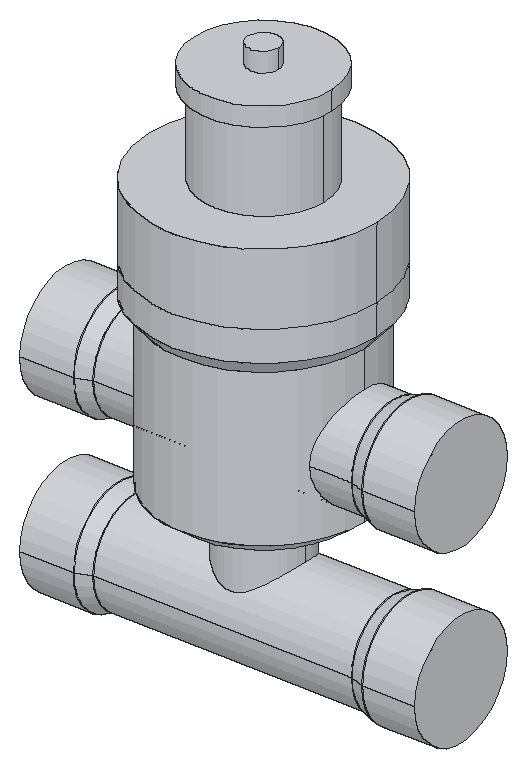
Revit family "VTX11P_DN15_PN16_RFA_2019", category Pipe Accessories, Revit 2019
Family settings
  Round Connector Dimension = Use Diameter
  Part Type = Valve - Breaks Into
  Work Plane-Based = No
  Always vertical = Yes
  Cut with Voids When Loaded = No
  Shared = No
Parameters (values of type "VTX11P G1/2  PN16 kvs0,6")
  magiProductId = ""
  magiProductFamilyId = ""
  magiPartTypeId = 306
  isMeasuringValve [instance] = no
  ang2D [instance] = 0.00°
  Z8 = 4 mm
  Z7__ve = -Z7  # -2.5 mm
  Z7 = 2.5 mm
  Z5 = 9.45 mm
  Z3 = 2 mm
  Z2 = 8.05 mm
  X4__ve = -X4  # -7 mm
  X4 = 7 mm
  X3 = 34 mm
  W2D = 15 mm
  VersionID = ""
  Use Minimum Symbol Size [instance] = yes
  URL = "www.hydronix.cz"
  Type Comments = "Závitový, vnější závit, ploché těsnění; LIN charakteristika; PN16; +5~+95°C; max.rychlost proudění 3,0 m/s"
  R9 = 9 mm
  R8 = 2 mm
  R7 = 15 mm
  R6 = 10.64 mm
  R5 = 6.703 mm
  R4 = 5.586 mm
  R2 = 13.3 mm
  R10 = 8 mm
  R1 = 6.75 mm
  QmdConnectorList = "301;D;302;D"
  Productdata [instance] = ""
  Manufacturer = "Hydronix"
  MC2 = yes
  MC Product Code = "VTX11P (G1/2\"; dpmax=250kPa; kvs 0,6)"
  MC = no
  LT2 = 19 mm
  L2D_Min = 3048 mm
  L2D = 38 mm
  H1 = 20.5 mm
  H = 27 mm
  E = 16 mm
  Description = "3 cestný regulační ventil malých spotřebičů s obtokem, DN15; zdvih 2,5mm; max dp 250kPa; kvs0,6"
  DT2 = 7.5 mm
  D = 15 mm
  CAT0 = yes
  C = 23 mm
Types (8, lengths in mm): name | Z5 | Z2 | X3 | R6 | R5 | R4 | R2 | R1 | MC Product Code | LT2 | H1 | H | Description | DT2 | D | C
  VTX09P G1/2  PN16 kvs0,25 | 9.45 | 8.05 | 34 | 10.64 | 6.703 | 5.586 | 13.3 | 6.75 | "VTX09P (G1/2\"; dpmax=250kPa; kvs 0,25)" | 19 | 20.5 | 27 | "3 cestný regulační ventil malých spotřebičů s obtokem, DN15; zdvih 2,5mm; max dp 250kPa; kvs0,25" | 7.5 | 15 | 23
  VTX10P G1/2  PN16 kvs0,4 | 9.45 | 8.05 | 34 | 10.64 | 6.703 | 5.586 | 13.3 | 6.75 | "VTX10P (G1/2\"; dpmax=250kPa; kvs 0,4)" | 19 | 20.5 | 27 | "3 cestný regulační ventil malých spotřebičů s obtokem, DN15; zdvih 2,5mm; max dp 250kPa; kvs0,4" | 7.5 | 15 | 23
  VTX12P G1/2  PN16 kvs1,0 | 9.45 | 8.05 | 34 | 10.64 | 6.703 | 5.586 | 13.3 | 6.75 | "VTX12P (G1/2\"; dpmax=250kPa; kvs 1,0)" | 19 | 20.5 | 27 | "3 cestný regulační ventil malých spotřebičů s obtokem, DN15; zdvih 2,5mm; max dp 250kPa; kvs1,0" | 7.5 | 15 | 23
  VTX13P G1/2  PN16 kvs1,6 | 9.45 | 8.05 | 34 | 10.64 | 6.703 | 5.586 | 13.3 | 6.75 | "VTX13P (G1/2\"; dpmax=250kPa; kvs 1,6)" | 19 | 20.5 | 27 | "3 cestný regulační ventil malých spotřebičů s obtokem, DN15; zdvih 2,5mm; max dp 250kPa; kvs1,6" | 7.5 | 15 | 23
  VTX21P G3/4  PN16 kvs2,5 | 9.1 | 17.5 | 38 | 11.76 | 7.409 | 6.174 | 14.7 | 9 | "VTX21P (G3/4\"; dpmax=150kPa; kvs 2,5)" | 21 | 37.4 | 26 | "3 cestný regulační ventil malých spotřebičů s obtokem, DN20; zdvih 2,5mm; max dp 150kPa; kvs2,5" | 10 | 20 | 50
  VTX24P G3/4  PN16 kvs4,0 | 9.1 | 17.5 | 38 | 11.76 | 7.409 | 6.174 | 14.7 | 9 | "VTX24P (G3/4\"; dpmax A-AB=100kPa;  dpmax B-AB=40kPa;  kvs 4,0)" | 21 | 37.4 | 26 | "3 cestný regulační ventil malých spotřebičů s obtokem, DN20; zdvih 2,5mm; max dp A-AB 100kPa; max dp B-AB 40kPa; kvs4,0" | 10 | 20 | 50
  VTX26P G3/4  PN16 kvs6,0 | 9.1 | 17.5 | 38 | 11.76 | 7.409 | 6.174 | 14.7 | 9 | "VTX26P (G3/4\"; dpmax A-AB=100kPa;  dpmax B-AB=40kPa; kvs 6,0)" | 21 | 37.4 | 26 | "3 cestný regulační ventil malých spotřebičů s obtokem, DN20; zdvih 2,5mm; max dp A-AB 100kPa; max dp B-AB 40kPa; kvs6,0" | 10 | 20 | 50
  VTX11P G1/2  PN16 kvs0,6 | 9.45 | 8.05 | 34 | 10.64 | 6.703 | 5.586 | 13.3 | 6.75 | "VTX11P (G1/2\"; dpmax=250kPa; kvs 0,6)" | 19 | 20.5 | 27 | "3 cestný regulační ventil malých spotřebičů s obtokem, DN15; zdvih 2,5mm; max dp 250kPa; kvs0,6" | 7.5 | 15 | 23
Reference planes
  plane 1 "Center (Front/Back)": y = 0
  plane 2 "XYPLANE": z = 0
  plane 3 "Center (Left/Right)": x = 0
  plane 4 "271": z = 38
  plane 5 "254": z = 11.55
  plane 6 "253": z = 17.55
  plane 7 "148": z = 40.5
  plane 8 "132": z = 43
  plane 9 "62": z = 13.55
  plane 10 "53": z = 27
  plane 11 "52": z = -8.95
  plane 12 "48": z = -10.95
  plane 13 "47": z = -12.95
  plane 14 "38": z = -21
  plane 15 "37": x = 17
  plane 16 "36": x = 19
  plane 17 "23": z = -23
  plane 18 "19": x = -17
  plane 19 "15": x = -19
  plane 20 "6": x = 26
  plane 21 "5": x = -26
  plane 22 "3": z = 0
  plane 23 "2": y = 0
  plane 24 "1": x = 0
Forms (mm)
  Extrusion 1, solid
    sketch origin (-17, -750, 0) x (0, 1, 0) y (0, 0, 1)
      loop
        circle (750, -23) r 6.75
    from 0 to 34 <- "X3"
  Blend 2, solid
    base sketch origin (19, -750, 0) x (0, 1, 0) y (0, 0, 1)
      loop
        circle (750, -23) r 7.5
    top sketch origin (19, -750, 0) x (0, 1, 0) y (0, 0, 1)
      loop
        circle (750, -23) r 6.75
    from 0 to -2
  Extrusion 3, solid
    sketch origin (26, -750, 0) x (0, 1, 0) y (0, 0, 1)
      loop
        circle (750, -23) r 7.5
    from 0 to -7 <- "X4__ve"
  Extrusion 4, solid
    sketch origin (-26, -750, 0) x (0, 1, 0) y (0, 0, 1)
      loop
        circle (750, -23) r 7.5
    from 0 to 7 <- "X4"
  Blend 5, solid
    base sketch origin (-19, -750, 0) x (0, 1, 0) y (0, 0, 1)
      loop
        circle (750, -23) r 7.5
    top sketch origin (-19, -750, 0) x (0, 1, 0) y (0, 0, 1)
      loop
        circle (750, -23) r 6.75
    from 0 to 2
  Extrusion 6, solid, visible <- "CAT0"
    sketch origin (-750, 0, 43) x (1, 0, 0) y (0, 1, 0)
      loop
        circle (750, 0) r 2
    from 0 to -2.5 <- "Z7__ve"
  Extrusion 7, solid, visible <- "CAT0"
    sketch origin (-750, 0, 38) x (1, 0, 0) y (0, 1, 0)
      loop
        circle (750, 0) r 8
    from 0 to -19
  Extrusion 8, solid, visible <- "CAT0"
    sketch origin (-17, -750, 0) x (0, 1, 0) y (0, 0, 1)
      loop
        circle (750, 0) r 6.75
    from 0 to 34 <- "X3"
  Extrusion 9, solid
    sketch origin (-750, 0, 13.55) x (1, 0, 0) y (0, 1, 0)
      loop
        circle (750, 0) r 15
    from 0 to 4 <- "Z8"
  Extrusion 10, solid
    sketch origin (-750, 0, 40.5) x (1, 0, 0) y (0, 1, 0)
      loop
        circle (750, 0) r 9
    from 0 to -2.5 <- "Z7__ve"
  Extrusion 11, solid
    sketch origin (-750, 0, 17.55) x (1, 0, 0) y (0, 1, 0)
      loop
        circle (750, 0) r 15
    from 0 to 9.45 <- "Z5"
  Blend 12, solid
    base sketch origin (-750, 0, 11.55) x (1, 0, 0) y (0, 1, 0)
      loop
        circle (750, 0) r 13.3
    top sketch origin (-750, 0, 11.55) x (1, 0, 0) y (0, 1, 0)
      loop
        circle (750, 0) r 15
    from 0 to 2
  Blend 13, solid
    base sketch origin (-750, 0, -8.95) x (1, 0, 0) y (0, 1, 0)
      loop
        circle (750, 0) r 13.3
    top sketch origin (-750, 0, -8.95) x (1, 0, 0) y (0, 1, 0)
      loop
        circle (750, 0) r 10.64
    from 0 to -2
  Blend 14, solid
    base sketch origin (-750, 0, -10.95) x (1, 0, 0) y (0, 1, 0)
      loop
        circle (750, 0) r 6.703
    top sketch origin (-750, 0, -10.95) x (1, 0, 0) y (0, 1, 0)
      loop
        circle (750, 0) r 5.586
    from 0 to -2
  Extrusion 15, solid
    sketch origin (-750, 0, -21) x (1, 0, 0) y (0, 1, 0)
      loop
        circle (750, 0) r 5.586
    from 0 to 8.05 <- "Z2"
  Extrusion 16, solid
    sketch origin (26, -750, 0) x (0, 1, 0) y (0, 0, 1)
      loop
        circle (750, 0) r 7.5
    from 0 to -7 <- "X4__ve"
  Blend 17, solid
    base sketch origin (19, -750, 0) x (0, 1, 0) y (0, 0, 1)
      loop
        circle (750, 0) r 7.5
    top sketch origin (19, -750, 0) x (0, 1, 0) y (0, 0, 1)
      loop
        circle (750, 0) r 6.75
    from 0 to -2
  Extrusion 18, solid
    sketch origin (-750, 0, -8.95) x (1, 0, 0) y (0, 1, 0)
      loop
        circle (750, 0) r 13.3
    from 0 to 20.5 <- "H1"
  Blend 19, solid
    base sketch origin (-19, -750, 0) x (0, 1, 0) y (0, 0, 1)
      loop
        circle (750, 0) r 7.5
    top sketch origin (-19, -750, 0) x (0, 1, 0) y (0, 0, 1)
      loop
        circle (750, 0) r 6.75
    from 0 to 2
  Extrusion 20, solid
    sketch origin (-26, -750, 0) x (0, 1, 0) y (0, 0, 1)
      loop
        circle (750, 0) r 7.5
    from 0 to 7 <- "X4"
  Extrusion 21, solid, not visible
    sketch origin (19, -750, 0) x (0, 1, 0) y (0, 0, 1)
      loop
        circle (750, 0) r 10
    from 0 to -10
  Extrusion 22, solid, not visible
    sketch origin (-19, -750, 0) x (0, 1, 0) y (0, 0, 1)
      loop
        circle (750, 0) r 10
    from 0 to 10
Lines and regions (mm)
  reference lines, not visible
    curve 1: circle (2, 2, 0) r 1 normal (0, 0, 1)
Dimensions and locks
  plane 1 "Center (Front/Back)" to curve 1 = 2 mm
  "Z7": plane 7 "148" to plane 4 "271"
  "Z3": plane 9 "62" to plane 5 "254"
  "Z5": plane 10 "53" to plane 6 "253"
  "Z7": plane 8 "132" to plane 7 "148"
  "E": plane 10 "53" to plane 8 "132"
  "Z8": plane 6 "253" to plane 9 "62"
  "H": plane 2 "XYPLANE" to plane 10 "53"
  "Z3": plane 12 "48" to plane 11 "52"
  "Z3": plane 13 "47" to plane 12 "48"
  "Z2": plane 14 "38" to plane 13 "47"
  "Z3": plane 17 "23" to plane 14 "38"
  locked: plane 16 "36" to plane 15 "37" at 2
  "LT2": plane 3 "Center (Left/Right)" to plane 16 "36"
  "C": plane 2 "XYPLANE" to plane 17 "23"
  locked: plane 19 "15" to plane 18 "19" at 2
  "LT2": plane 3 "Center (Left/Right)" to plane 19 "15"
  "X4": plane 16 "36" to plane 20 "6"
  "X4": plane 19 "15" to plane 21 "5"
  locked: plane 2 "XYPLANE" to plane 22 "3"
  locked: plane 1 "Center (Front/Back)" to plane 23 "2"
  locked: plane 3 "Center (Left/Right)" to plane 24 "1"
  "R1": radius of Extrusion 1 sketch curve
  "R1": radius of Blend 2 sketch curve
  "DT2": radius of Blend 2 sketch curve
  "DT2": radius of Extrusion 3 sketch curve
  "DT2": radius of Extrusion 4 sketch curve
  "R1": radius of Blend 5 sketch curve
  "DT2": radius of Blend 5 sketch curve
  "R8": radius of Extrusion 6 sketch curve
  "R10": radius of Extrusion 7 sketch curve
  "R1": radius of Extrusion 8 sketch curve
  "R7": radius of Extrusion 9 sketch curve
  "R9": radius of Extrusion 10 sketch curve
  "R7": radius of Extrusion 11 sketch curve
  "R7": radius of Blend 12 sketch curve
  "R2": radius of Blend 12 sketch curve
  "R6": radius of Blend 13 sketch curve
  "R2": radius of Blend 13 sketch curve
  "R4": radius of Blend 14 sketch curve
  "R5": radius of Blend 14 sketch curve
  "R4": radius of Extrusion 15 sketch curve
  "DT2": radius of Extrusion 16 sketch curve
  "R1": radius of Blend 17 sketch curve
  "DT2": radius of Blend 17 sketch curve
  "R2": radius of Extrusion 18 sketch curve
  "R1": radius of Blend 19 sketch curve
  "DT2": radius of Blend 19 sketch curve
  "DT2": radius of Extrusion 20 sketch curve
  aligned and locked: level to plane 2 "XYPLANE"
  aligned and locked: plane 17 "23" to Extrusion 1 sketch curve
  aligned and locked: Extrusion 1 sketch curve to plane 23 "2"
  aligned and locked: plane 17 "23" to Blend 2 sketch curve  (x2)
  aligned and locked: Blend 2 sketch curve to plane 23 "2"  (x2)
  aligned and locked: Blend 2 to plane 15 "37"
  aligned and locked: plane 17 "23" to Extrusion 3 sketch curve
  aligned and locked: Extrusion 3 sketch curve to plane 23 "2"
  aligned and locked: plane 17 "23" to Extrusion 4 sketch curve
  aligned and locked: Extrusion 4 sketch curve to plane 23 "2"
  aligned and locked: plane 17 "23" to Blend 5 sketch curve  (x2)
  aligned and locked: Blend 5 sketch curve to plane 23 "2"  (x2)
  aligned and locked: plane 18 "19" to Blend 5
  aligned and locked: plane 23 "2" to Extrusion 6 sketch curve
  aligned and locked: plane 24 "1" to Extrusion 6 sketch curve
  aligned and locked: plane 23 "2" to Extrusion 7 sketch curve
  aligned and locked: plane 24 "1" to Extrusion 7 sketch curve
  aligned and locked: plane 22 "3" to Extrusion 8 sketch curve
  aligned and locked: Extrusion 8 sketch curve to plane 23 "2"
  aligned and locked: plane 23 "2" to Extrusion 9 sketch curve
  aligned and locked: plane 24 "1" to Extrusion 9 sketch curve
  aligned and locked: plane 23 "2" to Extrusion 10 sketch curve
  aligned and locked: plane 24 "1" to Extrusion 10 sketch curve
  aligned and locked: plane 23 "2" to Extrusion 11 sketch curve
  aligned and locked: plane 24 "1" to Extrusion 11 sketch curve
  aligned and locked: plane 23 "2" to Blend 12 sketch curve  (x2)
  aligned and locked: plane 24 "1" to Blend 12 sketch curve  (x2)
  aligned and locked: plane 9 "62" to Blend 12
  aligned and locked: plane 23 "2" to Blend 13 sketch curve  (x2)
  aligned and locked: plane 24 "1" to Blend 13 sketch curve  (x2)
  aligned and locked: Blend 13 to plane 12 "48"
  aligned and locked: plane 23 "2" to Blend 14 sketch curve  (x2)
  aligned and locked: plane 24 "1" to Blend 14 sketch curve  (x2)
  aligned and locked: Blend 14 to plane 13 "47"
  aligned and locked: plane 23 "2" to Extrusion 15 sketch curve
  aligned and locked: plane 24 "1" to Extrusion 15 sketch curve
  aligned and locked: plane 22 "3" to Extrusion 16 sketch curve
  aligned and locked: Extrusion 16 sketch curve to plane 23 "2"
  aligned and locked: plane 22 "3" to Blend 17 sketch curve  (x2)
  aligned and locked: Blend 17 sketch curve to plane 23 "2"  (x2)
  aligned and locked: Blend 17 to plane 15 "37"
  aligned and locked: plane 23 "2" to Extrusion 18 sketch curve
  aligned and locked: plane 24 "1" to Extrusion 18 sketch curve
  aligned and locked: plane 22 "3" to Blend 19 sketch curve  (x2)
  aligned and locked: Blend 19 sketch curve to plane 23 "2"  (x2)
  aligned and locked: plane 18 "19" to Blend 19
  aligned and locked: plane 22 "3" to Extrusion 20 sketch curve
  aligned and locked: Extrusion 20 sketch curve to plane 23 "2"
  aligned and locked: plane 22 "3" to Extrusion 21 sketch curve
  aligned and locked: Extrusion 21 sketch curve to plane 23 "2"
  aligned and locked: plane 22 "3" to Extrusion 22 sketch curve
  aligned and locked: Extrusion 22 sketch curve to plane 23 "2"
Automatic sketch dimensions
  plane 1 "Center (Front/Back)" to Extrusion 21 sketch curve = 10 mm
  plane 1 "Center (Front/Back)" to Extrusion 22 sketch curve = 10 mm
  plane 3 "Center (Left/Right)" to curve 1 = 2 mm
  radius of curve 1 = 1 mm
Connectors
  piping at (-19, 0, 0), diameter 15, driven by "D"
    settings: on Extrusion 22, index 1, connector inside diameter 609.6 mm, connector length 0 mm, flow factor 0, pipe flow 0.0 L/s, pressure drop 0.0 Pa, fitting loss kfactor 0, connector angle 0.00°, fixture units 0, engagement length 0 mm, angle of deflection 0.00°, flow configuration 0, flow direction 0, fitting loss method 0, system type 29, joint type 0, gender type 0, connector reference index 2, connector utility 0, adjustable connector no, is connector primary yes, connector description ""
  piping at (19, 0, 0), diameter 15, driven by "D"
    settings: on Extrusion 21, index 2, connector inside diameter 609.6 mm, connector length 0 mm, flow factor 0, pipe flow 0.0 L/s, pressure drop 0.0 Pa, fitting loss kfactor 0, connector angle 0.00°, fixture units 0, engagement length 0 mm, angle of deflection 0.00°, flow configuration 0, flow direction 0, fitting loss method 0, system type 29, joint type 0, gender type 0, connector reference index 1, connector utility 0, adjustable connector no, is connector primary no, connector description ""
